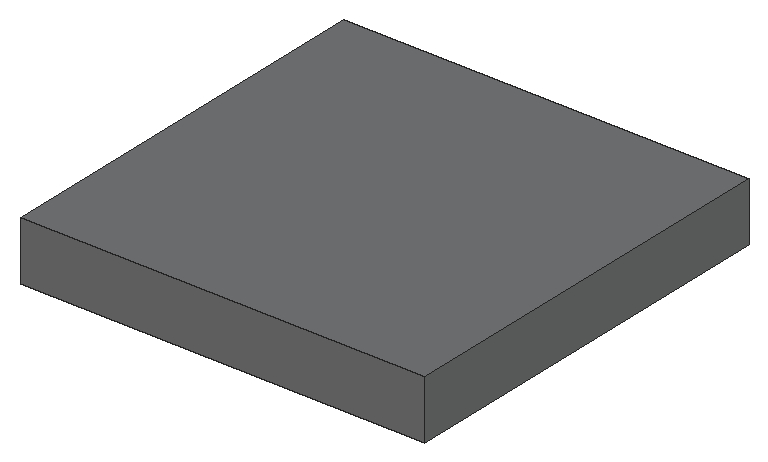
Revit family "Gira_0869005", category Electrical Fixtures, host Face, Revit 2017
Family settings
  Host = Face
  Maintain Annotation Orientation = No
  Round Connector Dimension = Use Diameter
  Part Type = Normal
  Cut with Voids When Loaded = No
  Shared = No
  Room Calculation Point = No
Parameters (values of type "Abd. Koaxial-Antennensteckd. System 55 Schwarz m")
  Zusammenstellung = "Zentralplatte"
  Werkstoffgüte = "sonstige"
  Werkstoff = "Kunststoff"
  URL = "http://katalog.gira.de/de_DE/datenblatt.html?artikelnr=0869005"
  Transparent = "No"
  Tragring = "No"
  Region = "DE"
  Oberfläche = "sonstige"
  Name = "Abd. Koaxial-Antennensteckd. System 55 Schwarz m"
  Montageart = "unter Putz"
  Mit Zugentlastung = "No"
  Mit Staubschutz = "No"
  Mit Klappdeckel = "No"
  Mit Aufdruck = "No"
  Manufacturer URL = "https://www.gira.de/"
  Lüsterklemme = "No"
  Keynote = "Sys55_Abdeckung_Schalten und Tasten"
  HeinzeBIM = "https://bimportal.heinze.de/bim/abd-koaxial-antennensteckd-system-55-schwarz-m/5d3c9b9d5375ce8b687ab569793de999f923a78a"
  Halogenfrei = "Yes"
  HAN = "0869005"
  Geeignet für Schutzart (IP) = "IP20"
  GTIN = "4010337036616"
  Farbe = "schwarz"
  Default Elevation = 1219.2 mm
  Data sheet (1) = "https://katalog.gira.de/de_DE/download.html?artikelnr=0869005"
  Category = "Einsatz/Abdeckung für Kommunikationstechnik"
  Beschriftungsfeld = "ohne Beschriftungsfeld"
  Befestigungsart = "Befestigung mit Schraube"
  Available = "Yes"
  Ausführung der Oberfläche = "matt"
  Anthrazit [instance] = Anthrazit
Reference planes
  plane 1 "Center (Front/Back)": y = 0
  plane 2: z = 0
  plane 3 "Center (Left/Right)": x = 0
Forms (mm)
  Extrusion 1, solid, material "Anthrazit" <- "Anthrazit", detail levels fine
    sketch origin (0, 0, 0) x (1, 0, 0) y (0, 1, 0)
      loop
        line (-27.5, 27.5) -> (-27.5, -27.5) -> (27.5, -27.5) -> (27.5, 27.5) -> (-27.5, 27.5)
    from 0 to 8
  Extrusion 2, void
    sketch origin (0, 0, 0) x (1, 0, 0) y (0, 1, 0)
      loop
        line (26, 26) -> (-26, 26) -> (-26, -26) -> (26, -26) -> (26, 26)
    from 0 to 6
  Extrusion 3, solid, material "Anthrazit" <- "Anthrazit", detail levels medium
    sketch origin (0, 0, 0) x (1, 0, 0) y (0, 1, 0)
      loop
        line (-27.5, 27.5) -> (-27.5, -27.5) -> (27.5, -27.5) -> (27.5, 27.5) -> (-27.5, 27.5)
    from 0 to 8
  Extrusion 4, solid, material "Anthrazit" <- "Anthrazit", detail levels medium
    sketch origin (0, 0, 0) x (1, 0, 0) y (0, 1, 0)
      loop
        line (11, -17.5) -> (11, 17.5) -> (-11, 17.5) -> (-11, -17.5) -> (11, -17.5)
    from -6 to 6
  Extrusion 5, solid, material "Anthrazit" <- "Anthrazit", detail levels fine
    sketch origin (0, 0, 0) x (1, 0, 0) y (0, 1, 0)
      loop
        line (11, 17.5) -> (-11, 17.5) -> (-11, 16.5) -> (11, 16.5) -> (11, 17.5)
      loop
        line (-11, -16.5) -> (-11, -17.5) -> (11, -17.5) -> (11, -16.5) -> (-11, -16.5)
    from -4 to 6
  Extrusion 6, solid, material "Anthrazit" <- "Anthrazit", detail levels fine
    sketch origin (0, 0, 0) x (1, 0, 0) y (0, 1, 0)
      loop
        arc (5, 9.347) -> (0, 10.6) -> (-5, 9.347) r 10.6
        line (-5, 9.347) -> (-5, -9.347)
        arc (-5, -9.347) -> (0, -10.6) -> (5, -9.347) r 10.6
        line (5, -9.347) -> (5, 9.347)
    from -6 to 6
  Extrusion 7, solid, material "Anthrazit" <- "Anthrazit", detail levels coarse
    sketch origin (0, 0, 0) x (1, 0, 0) y (0, 1, 0)
      loop
        line (-27.5, 27.5) -> (-27.5, -27.5) -> (27.5, -27.5) -> (27.5, 27.5) -> (-27.5, 27.5)
    from -6 to 8
Cuts and joins
  Extrusion 2 cuts Extrusion 1
Dimensions and locks
  aligned and locked: plane 2 to host face
  aligned and locked: level to host face
